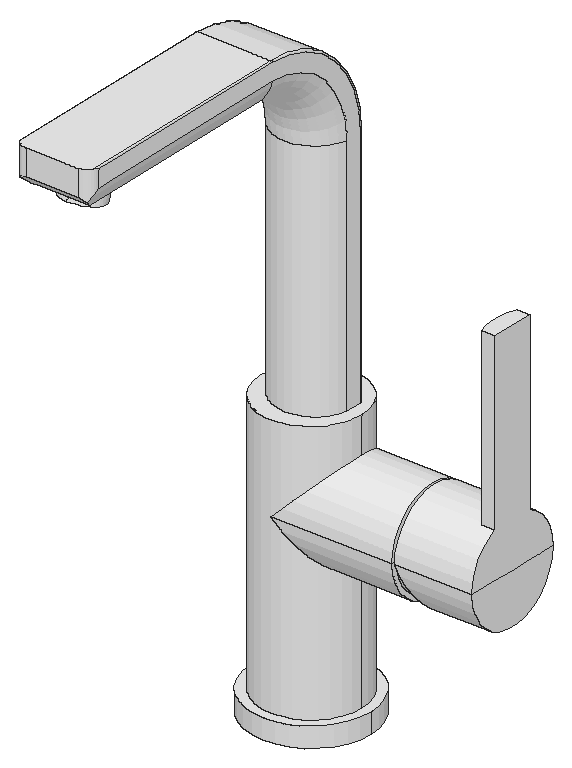
Revit family "Faucet-Lavatory-GROHE-Lineare-23825_Series", category Plumbing Fixtures, Revit 2014
Parameters (values of type "2382500A")
  cUPC Compliant = yes
  Waste Connection = no
  Warranty Documentation Link = "https://cdn.cloud.grohe.com/tpi/1000/1900/1940/1949/1949006/original/1949006.pdf"
  WFU = 2  # constant formula
  Vent Connection = no
  URL = "https://www.grohe.com/"
  Shipping Weight = 0.00 lbf
  Product Page URL = "https://www.grohe.us/en_us/lineare-single-handle-bathroom-faucet-l-size-2382500A.html"
  Price = "Prices may vary. Please consult Manufacturer Representative for most up-to-date price list."  # constant formula
  Model = "2382500A"
  Material = "Metal-Grohe-00A-Chrome"
  Manufacturer = "Grohe"
  Length = 5 1/2"  # constant formula
  Installation Type = "Deck-Mounted"
  Hot Water Connection Radius = 3/16"
  Hot Water Connection Diameter = 3/8"
  Height = 9 15/16"  # constant formula
  HWFU = 1.5  # constant formula
  HW Connection = yes
  Flow Rate = ""
  Finish = Metal-Grohe-00A-Chrome
  Description = "Lineaer Single-Handle Bathroom Faucet L-Size"  # constant formula
  Default Elevation = 0"
  Creation Date = "05/29/2018"  # constant formula
  Cold Water Connection Radius = 3/16"
  Cold Water Connection Diameter = Cold Water Connection Radius * 2  # 3/8"
  CalGreen Compliant = yes
  CWFU = 1.5  # constant formula
  CW Connection = yes
  Assembly Code = "D2020300"
  ADA Compliant = yes
Types (3): name | Product Page URL | Model | Material | Finish
  (no name) | "https://www.grohe.us/en_us/lineare-single-handle-bathroom-faucet-l-size-2382500A.html" | "2382500A" | "Metal-Grohe-00A-Chrome" | Metal-Grohe-00A-Chrome
  2382500A | "https://www.grohe.us/en_us/lineare-single-handle-bathroom-faucet-l-size-2382500A.html" | "2382500A" | "Metal-Grohe-00A-Chrome" | Metal-Grohe-00A-Chrome
  23825ENA | "https://www.grohe.us/en_us/lineare-single-handle-bathroom-faucet-l-size-23825ENA.html" | "23825ENA" | "Metal-Grohe-ENA-Brushed Nickel" | Metal-Grohe-ENA-Brushed Nickel
Reference planes (in)
  plane 1 "Center (Front/Back)": y = 0
  plane 2: z = 0
  plane 3 "Center (Left/Right)": x = 0
  plane 4: y = 0.7874
  plane 5: y = -0.7874
  plane 6: x = 1.02362
  plane 7: x = -1.02362
  plane 8: y = 1.625
  plane 9: z = 9.9375
  plane 10: z = 3.84646
  plane 11: z = 2.27165
  plane 12: z = 3.05906
  plane 13: y = -4.4375
  plane 14: through (0, -4.4375, 9.1875) normal (0, -0.9659, 0.2588)
  plane 15: z = 9.125
Forms (in)
  Extrusion 1, solid, material "Metal-Grohe-00A-Chrome" <- "Finish"
    sketch origin (0, -0.04249, 0) x (1, 0, 0) y (0, 1, 0)
      loop
        circle (0, 0.04249) r 0.9375
    from 0 to 0.31496
  Extrusion 2, solid, material "Metal-Grohe-00A-Chrome" <- "Finish"
    sketch origin (0, 0, 0) x (1, 0, 0) y (0, 1, 0)
      loop
        circle (0, 0) r 0.7874
    from 0 to 4.40945
  Sweep 3, solid, material "Metal-Grohe-00A-Chrome" <- "Finish"
    path origin (0, 0, 0) x (0, 1, 0) y (0, 0, 1)
      loop
        line (1.625, 1.95557) -> (1.13587, 1.95557)
        arc (1.13587, 1.95557) -> (1.05092, 1.92797) -> (0.99843, 1.85571) r 0.14451
        line (0.99843, 1.85571) -> (0.63487, 0.73679)
    profile origin (0, 1.38043, 1.95557) x (0, 0, -1) y (1, 0, 0)
      loop
        circle (0, 0) r 0.07813
  Extrusion 4, solid, material "Metal-Grohe-00A-Chrome" <- "Finish"
    sketch origin (0, 0, 0) x (1, 0, 0) y (0, 1, 0)
      loop
        circle (-0.38953, 0) r 0.1875
      loop
        circle (0.38953, 0) r 0.1875
    from 0 to 1.03958
  Sweep 5, solid, material "Metal-Grohe-00A-Chrome" <- "Finish"
    path origin (0, 0, 0) x (0, 1, 0) y (0, 0, 1)
      loop
        line (0.25, 3.63627) -> (0.25, 8.1875)
        arc (0.25, 8.1875) -> (-0.26256, 9.42494) -> (-1.5, 9.9375) r 1.75
        line (-1.5, 9.9375) -> (-5.63807, 9.9375)
    profile origin (0, 0.25, 5.91189) x (0, -1, 0) y (1, 0, 0)
      loop
        line (0, 0.56711) -> (0, -0.56822)
        arc (0, -0.56822) -> (0.00654, -0.58401) -> (0.02233, -0.59055) r 0.02233
        line (0.02233, -0.59055) -> (0.29441, -0.59055)
        arc (0.29441, -0.59055) -> (0.77378, 0) -> (0.29441, 0.59055) r 0.60345
        line (0.29441, 0.59055) -> (0.02344, 0.59055)
        arc (0.02344, 0.59055) -> (0.00686, 0.58369) -> (0, 0.56711) r 0.02344
  Revolve 6, solid, material "Metal-Grohe-00A-Chrome" <- "Finish"
    sketch origin (0, 0, 3.05906) x (1, 0, 0) y (0, 1, 0)
      loop
        line (1.88976, 0.7874) -> (0, 0.7874) -> (0, 0) -> (2.44806, 0)
        arc (2.44806, 0) -> (2.25659, 0.42579) -> (1.88976, 0.71459) r 0.9795
        line (1.88976, 0.71459) -> (1.88976, 0.7874)
      axis (2.44806, 0) -> (0, 0)
    angle from 0 to 360
  Revolve 7, solid, material "Metal-Grohe-00A-Chrome" <- "Finish"
    sketch origin (0, 0, 3.05906) x (1, 0, 0) y (0, 1, 0)
      loop
        line (3.13514, 0.7874) -> (1.92788, 0.7874) -> (1.92788, 0) -> (3.13514, 0) -> (3.13514, 0.7874)
      axis (1.92788, 0) -> (3.13514, 0)
    angle from 0 to 360
  Extrusion 8, solid, material "Metal-Grohe-00A-Chrome" <- "Finish"
    sketch origin (0, 0, 3.05906) x (1, 0, 0) y (0, 1, 0)
      loop
        line (2.93158, -0.33431) -> (3.13514, -0.33509) -> (3.13514, 0.33509) -> (2.93158, 0.33431)
        arc (2.93158, 0.33431) -> (2.8604, 0) -> (2.93158, -0.33431) r 0.82069
    from 0 to 3.41902
  Extrusion 9, void
    sketch origin (-0.34375, 0, 0) x (1, 0, 0) y (0, 0, 1)
      loop
        line (2.25207, 3.10627) -> (2.25207, 2.05846) -> (2.74067, 2.05846) -> (2.25207, 3.10627)
    from -0.91788 to 1.02362
  Revolve 10, solid, material "Metal-Grohe-00A-Chrome" <- "Finish"
    sketch origin (0, 0, 0) x (0, 1, 0) y (0, 0, 1)
      loop
        line (-4.45544, 9.12056) -> (-4.14254, 9.03672) -> (-4.02712, 9.46746) -> (-4.34002, 9.55131) -> (-4.45544, 9.12056)
      axis (-4.45544, 9.12056) -> (-4.34002, 9.55131)
    angle from 0 to 360
  Extrusion 11, void
    sketch origin (0, 0, 0) x (1, 0, 0) y (0, 1, 0)
      loop
        arc (-0.41284, -5.05518) -> (-0.5385, -5.00313) -> (-0.59055, -4.87747) r 0.17771
        line (-0.59055, -4.87747) -> (-0.59055, -4.55518) -> (-0.75259, -4.55518) -> (-0.75259, -5.63807) -> (0.72713, -5.63807) -> (0.72713, -4.55518) -> (0.59055, -4.55518) -> (0.59055, -4.8794)
        arc (0.59055, -4.8794) -> (0.53907, -5.0037) -> (0.41477, -5.05518) r 0.17578
        line (0.41477, -5.05518) -> (-0.41284, -5.05518)
    from 8.80939 to 10.23892
  Extrusion 12, void
    sketch origin (0, 0, 0) x (0, 1, 0) y (0, 0, 1)
      loop
        arc (-4.0239, 9.12245) -> (-4.78528, 9.28904) -> (-5.26767, 9.90122) r 1.15548
        line (-5.26767, 9.90122) -> (-5.26767, 9.00553) -> (-3.90697, 9.00553) -> (-4.0239, 9.12245)
    from -0.59055 to 0.72713
Cuts and joins
  Extrusion 12 cuts Extrusion 1
  Extrusion 12 cuts Extrusion 2
  Extrusion 12 cuts Sweep 3
  Extrusion 12 cuts Extrusion 4
  Extrusion 11, Extrusion 12 cuts Sweep 5
  Extrusion 12 cuts Revolve 6
  Extrusion 9, Extrusion 12 cuts Revolve 7
  Extrusion 12 cuts Extrusion 8
  joined: Extrusion 1, Extrusion 2, Sweep 3, Extrusion 4, Sweep 5, Revolve 6, Revolve 7, Extrusion 8, Revolve 10
Lines and regions (in)
  Masking region 1
    outline origin (0, 0, 0) x (1, 0, 0) y (0, 1, 0)
      loop
        line (3.13514, 0.7874) -> (1.92788, 0.7874) -> (1.92788, 0.6971) -> (1.88976, 0.71459) -> (1.88976, 0.7874) -> (0.50883, 0.7874)
        arc (0.50883, 0.7874) -> (0.30252, 0.88735) -> (0.07813, 0.93424) r 0.9375
        line (0.07813, 0.93424) -> (0.07813, 1.625) -> (-0.07812, 1.625) -> (-0.07812, 0.93424)
        arc (-0.07812, 0.93424) -> (-0.8959, 0.27616) -> (-0.59055, -0.72812) r 0.9375
        line (-0.59055, -0.72812) -> (-0.59055, -4.87747)
        arc (-0.59055, -4.87747) -> (-0.5385, -5.00313) -> (-0.41284, -5.05518) r 0.17771
        line (-0.41284, -5.05518) -> (0.41477, -5.05518)
        arc (0.41477, -5.05518) -> (0.53907, -5.0037) -> (0.59055, -4.8794) r 0.17578
        line (0.59055, -4.8794) -> (0.59055, -0.7874) -> (1.88976, -0.7874) -> (1.88976, -0.71459) -> (1.92788, -0.6971) -> (1.92788, -0.7874) -> (3.13514, -0.7874) -> (3.13514, 0.7874)
  symbolic lines, detail levels medium+fine
    curve 1: line (-0.07812, 0.93424, 0) -> (-0.07812, 0.78352, 0)
    curve 2: arc (-0.07812, 0.78352, 0) -> (-0.73287, 0.28792, 0) -> (-0.59055, -0.52082, 0) r 0.7874
    curve 3: line (-0.59055, -0.52082, 0) -> (-0.59055, -0.72812, 0)
    curve 4: line (0.50883, 0.7874, 0) -> (0.07813, 0.7874, 0)
    curve 5: line (0.07813, 0.93424, 0) -> (0.07813, 0.7874, 0)
  symbolic lines, detail levels fine
    curve 6: line (-0.59055, -0.52082, 0) -> (-0.59055, 0.22767, 0)
    curve 7: line (0.59055, -0.7874, 0) -> (0.59055, 0.22656, 0)
    curve 8: arc (0.56711, 0.25, 0) -> (0.58369, 0.24314, 0) -> (0.59055, 0.22656, 0) r 0.02344
    curve 9: arc (-0.59055, 0.22767, 0) -> (-0.58401, 0.24346, 0) -> (-0.56822, 0.25, 0) r 0.02233
    curve 10: line (0.56711, 0.25, 0) -> (-0.56822, 0.25, 0)
    curve 11: arc (-0.07812, 0.78352, 0) -> (0.70069, 0.35921, 0) -> (0.59055, -0.52082, 0) r 0.7874
    curve 12: line (1.88976, -0.71459, 0) -> (1.88976, 0.71459, 0)
    curve 13: line (1.92776, 0.69462, 0) -> (1.92776, -0.69543, 0)
    curve 14: line (3.13514, 0.33509, 0) -> (2.93158, 0.33431, 0)
    curve 15: arc (2.93158, 0.33431, 0) -> (2.8604, 0, 0) -> (2.93158, -0.33431, 0) r 0.82069
    curve 16: line (2.93158, -0.33431, 0) -> (3.13514, -0.33509, 0)
Dimensions and locks (in)
  equal spacing: plane 6, plane 3 "Center (Left/Right)", plane 7
  plane 6 to plane 7 = 2.04724"
  plane 8 to plane 1 "Center (Front/Back)" = 1 5/8"
  "Height": plane 9 to level
  equal spacing: plane 11, plane 12, plane 10
  locked: plane 11 to plane 10 at 1.5748
  locked: level to plane 11 at 2.27165
  plane 15 to level = 9 1/8"
  "Hot Water Connection Diameter": diameter of Extrusion 4 sketch curve
  "Cold Water Connection Diameter": diameter of Extrusion 4 sketch curve
Automatic sketch dimensions
  plane 1 "Center (Front/Back)" to Extrusion 2 sketch curve = 0"
  Extrusion 2 sketch curve to plane 3 "Center (Left/Right)" = 0"
  Sweep 3 sketch curve to plane 8 = 0"
  plane 4 to Sweep 3 sketch curve = 0.34846"
  Sweep 3 sketch curve to Sweep 3 sketch curve = 0.13744"
  plane 11 to Sweep 3 sketch curve = 0.4606"
  Sweep 3 sketch curve to Sweep 3 sketch curve = 0.04466"
  Sweep 3 sketch curve to plane 4 = 0.15253"
  level to Sweep 3 sketch curve = 0.73679"
  Sweep 3 sketch curve to plane 3 "Center (Left/Right)" = 0"
  Sweep 3 sketch curve to profile plane = 0"
  plane 1 "Center (Front/Back)" to Extrusion 4 sketch curve = 0"  (x2)
  Extrusion 4 sketch curve to plane 3 "Center (Left/Right)" = 0.38953"
  plane 3 "Center (Left/Right)" to Extrusion 4 sketch curve = 0.38953"
  plane 1 "Center (Front/Back)" to Revolve 6 sketch curve = 0"  (x2)
  Revolve 6 sketch curve to plane 3 "Center (Left/Right)" = 0"
  Revolve 6 sketch curve to plane 4 = 0"
  Revolve 6 sketch curve to plane 6 = 0.4611"
  Revolve 6 sketch curve to plane 6 = 0.86614"
  Revolve 6 sketch curve to Revolve 6 sketch curve = 0.5583"
  plane 1 "Center (Front/Back)" to Revolve 6 sketch curve = 0.17725"
  Revolve 6 sketch curve to Revolve 6 sketch curve = 1/4"  (x2)
  Extrusion 9 sketch curve to plane 12 = 0.04722"
  Extrusion 9 sketch curve to plane 6 = 0.88469"
  Extrusion 9 sketch curve to Extrusion 9 sketch curve = 0.4886"
  plane 11 to Extrusion 9 sketch curve = 0.21319"
  plane 1 "Center (Front/Back)" to Extrusion 1 sketch curve = 0"
  Extrusion 1 sketch curve to plane 3 "Center (Left/Right)" = 0"
  plane 1 "Center (Front/Back)" to Revolve 7 sketch curve = 0"  (x2)
  Revolve 7 sketch curve to plane 4 = 0"
  Revolve 7 sketch curve to plane 6 = 2.11152"
  Revolve 7 sketch curve to plane 6 = 0.90426"
  Revolve 7 sketch curve to Revolve 7 sketch curve = 0.17136"
  Revolve 7 sketch curve to Revolve 7 sketch curve = 0.18521"
  plane 1 "Center (Front/Back)" to Extrusion 8 sketch curve = 0"
  plane 1 "Center (Front/Back)" to Extrusion 8 sketch curve = 0.33509"
  Extrusion 8 sketch curve to plane 6 = 2.11152"
  Extrusion 8 sketch curve to Extrusion 8 sketch curve = 0.54594"
  Extrusion 8 sketch curve to plane 1 "Center (Front/Back)" = 0.33509"
  Extrusion 8 sketch curve to Extrusion 8 sketch curve = 0.20356"  (x2)
  plane 1 "Center (Front/Back)" to Extrusion 8 sketch curve = 0.33431"
  Sweep 5 sketch curve to profile plane = 0"
  Sweep 5 sketch curve to plane 3 "Center (Left/Right)" = 0"
  Sweep 5 sketch curve to profile plane = 0.02233"
  Sweep 5 sketch curve to profile plane = 0.17033"
  Sweep 5 sketch curve to Sweep 5 sketch curve = 0.27098"
  Sweep 5 sketch curve to Sweep 5 sketch curve = 0.27209"
  Sweep 5 sketch curve to Sweep 5 sketch curve = 3/128"
  Sweep 5 sketch curve to plane 3 "Center (Left/Right)" = 0.56822"
  Revolve 10 sketch curve to plane 14 = 0"  (x3)
  plane 14 to Revolve 10 sketch curve = 0"
  plane 13 to Revolve 10 sketch curve = 0.01794"
  Revolve 10 sketch curve to plane 13 = 0.09748"
  Revolve 10 sketch curve to plane 13 = 0.29496"
  plane 13 to Revolve 10 sketch curve = 0.08427"
  plane 13 to Revolve 10 sketch curve = 0.01956"
  Sweep 5 sketch curve to plane 9 = 0"
  plane 5 to Sweep 5 sketch curve = 0.7126"
  Sweep 5 sketch curve to plane 1 "Center (Front/Back)" = 1/4"
  plane 13 to Sweep 5 sketch curve = 1.20057"
  plane 10 to Sweep 5 sketch curve = 0.21018"
  plane 7 to Extrusion 11 sketch curve = 0.27103"
  Extrusion 11 sketch curve to Extrusion 11 sketch curve = 0.16204"
  Extrusion 11 sketch curve to Extrusion 11 sketch curve = 0.17771"
  plane 3 "Center (Left/Right)" to Extrusion 11 sketch curve = 0.41477"
  plane 13 to Extrusion 11 sketch curve = 0.11768"  (x2)
  Extrusion 11 sketch curve to Extrusion 11 sketch curve = 45/256"
  Extrusion 11 sketch curve to Extrusion 11 sketch curve = 0.13658"
  plane 13 to Extrusion 11 sketch curve = 0.43997"
  Extrusion 11 sketch curve to Extrusion 11 sketch curve = 0.58289"
  plane 13 to Extrusion 12 sketch curve = 0.83017"
  Extrusion 12 sketch curve to plane 13 = 0.26542"
  Extrusion 12 sketch curve to plane 9 = 0.93197"
  Extrusion 12 sketch curve to plane 9 = 0.03628"
  plane 9 to Extrusion 12 sketch curve = 0.33089"
  Extrusion 12 sketch curve to plane 13 = 0.4136"
  Extrusion 12 sketch curve to Extrusion 12 sketch curve = 0.11693"
  curve 2 to curve 11 = 0"  (x2)
  plane 1 "Center (Front/Back)" to curve 11 = 0"
  curve 11 to plane 3 "Center (Left/Right)" = 0"
  curve 5 to plane 4 = 0"
  plane 5 to curve 7 = 0"
  curve 1 to plane 4 = 0.00389"
  curve 1 to plane 3 "Center (Left/Right)" = 5/64"
  plane 7 to curve 10 = 0.4554"
  curve 3 to plane 5 = 0.26658"
  plane 3 "Center (Left/Right)" to curve 5 = 5/64"
  curve 8 to plane 1 "Center (Front/Back)" = 29/128"
  plane 6 to curve 8 = 0.45651"
  curve 8 to curve 7 = 3/128"
  curve 4 to curve 4 = 0.4307"
  curve 12 to plane 4 = 0.07282"
  curve 12 to plane 6 = 0.86614"
  curve 12 to curve 13 = 0.03799"
  curve 3 to plane 5 = 0.05928"
  curve 12 to plane 5 = 0.07282"
  curve 12 to curve 13 = 0.01915"
  curve 13 to curve 12 = 0.01997"
  plane 4 to curve 1 = 0.14684"
  plane 4 to curve 5 = 0.14684"
  plane 1 "Center (Front/Back)" to curve 15 = 0"
  curve 14 to plane 1 "Center (Front/Back)" = 0.33431"
  curve 13 to curve 14 = 1.00382"
  curve 14 to curve 15 = 0.74951"
  plane 1 "Center (Front/Back)" to curve 15 = 0.33431"
  curve 14 to plane 1 "Center (Front/Back)" = 0.33509"
  curve 14 to curve 14 = 0.20356"
  plane 1 "Center (Front/Back)" to curve 16 = 0.33509"
  curve 16 to curve 16 = 0.20356"
  Masking region 1 sketch curve to Masking region 1 sketch curve = 0"  (x2)
  Masking region 1 sketch curve to plane 8 = 0"
  plane 1 "Center (Front/Back)" to Masking region 1 sketch curve = 0"
  Masking region 1 sketch curve to plane 3 "Center (Left/Right)" = 0"
  Masking region 1 sketch curve to plane 4 = 0"  (x2)
  plane 5 to Masking region 1 sketch curve = 0"  (x2)
  Masking region 1 sketch curve to plane 3 "Center (Left/Right)" = 5/64"
  Masking region 1 sketch curve to plane 5 = 0.05928"
  plane 7 to Masking region 1 sketch curve = 0.43307"
  plane 3 "Center (Left/Right)" to Masking region 1 sketch curve = 5/64"
  Masking region 1 sketch curve to Masking region 1 sketch curve = 0.4307"
  plane 6 to Masking region 1 sketch curve = 0.43307"
  Masking region 1 sketch curve to plane 6 = 0.86614"  (x2)
  Masking region 1 sketch curve to plane 5 = 0.07282"
  Masking region 1 sketch curve to plane 5 = 0.0903"
  Masking region 1 sketch curve to Masking region 1 sketch curve = 0.03812"  (x2)
  Masking region 1 sketch curve to plane 4 = 0.0903"
  Masking region 1 sketch curve to Masking region 1 sketch curve = 1.20726"
  Masking region 1 sketch curve to Masking region 1 sketch curve = 0.01748"
  plane 13 to Masking region 1 sketch curve = 0.43997"
  Masking region 1 sketch curve to Masking region 1 sketch curve = 0.17771"
  Masking region 1 sketch curve to Masking region 1 sketch curve = 45/256"
  radius of Extrusion 2 sketch curve = 0.7874"
  radius of Sweep 3 sketch curve = 5/64"
  radius of Extrusion 1 sketch curve = 15/16"
Connectors (in)
  piping at (-0.38953, 0, 0), diameter 0.375, driven by "HWFU", driven by "Hot Water Connection Diameter"
    settings: on Extrusion 4, index 1, connector inside diameter 24", connector length 0", flow factor 0, pipe flow 0 GPM, pressure drop 0.00 psi, fitting loss kfactor 0, connector angle 0.00°, fixture units 1.5, engagement length 0", angle of deflection 0.00°, flow configuration 3, flow direction 1, fitting loss method 0, system type 19, joint type 0, gender type 0, connector reference index -1, connector utility 0, adjustable connector no, is connector primary yes, connector description "3/8\" NPT HW Inlet"
  piping at (0.38953, 0, 0), diameter 0.375, driven by "CWFU", driven by "Cold Water Connection Diameter"
    settings: on Extrusion 4, index 2, connector inside diameter 24", connector length 0", flow factor 0, pipe flow 0 GPM, pressure drop 0.00 psi, fitting loss kfactor 0, connector angle 0.00°, fixture units 1.5, engagement length 0", angle of deflection 0.00°, flow configuration 3, flow direction 1, fitting loss method 0, system type 20, joint type 0, gender type 0, connector reference index -1, connector utility 0, adjustable connector no, is connector primary no, connector description "3/8\" NPT CW Inlet"
